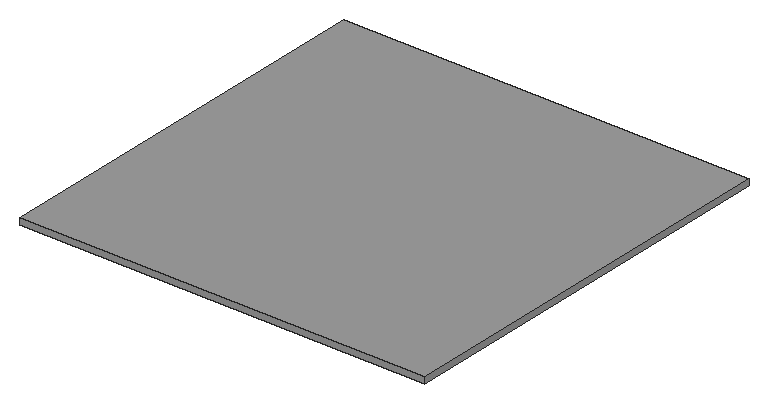
Revit family "WM-MN Skimmend 60mm Family", category Generic Models, host Ceiling, Revit 2017
Family settings
  Host = Ceiling
  Can host rebar = No
  Round Connector Dimension = Use Diameter
  Part Type = Normal
  Always vertical = Yes
  Cut with Voids When Loaded = No
  Shared = No
  Room Calculation Point = No
Parameters (values of type "Lambdaboard")
  Width = 4000 mm
  URL = "www.rigifoam.com"
  Type Comments = "duncan@rigifoam.com"
  Thermal Resistance = 2.5000 (m²·K)/W
  Thermal Conductivity = 0.0240 W/(m·K)
  Model = "WM/MN Skimmend 60mm"
  Material = Polyisocyanurate
  Manufacturer = "Lambdaboard"
  Length = 4000 mm
  Description = "Flexible PIR Insulation"
  Depth = 60 mm
  Density = 40.0000 kg/m³
Reference planes
  plane 1 "Center (Front/Back)": y = 0
  plane 2: z = 0
  plane 3 "Center (Left/Right)": x = 0
  plane 4 "Ceiling": z = 4000
Forms (mm)
  Extrusion 1, solid, material "Polyisocyanurate" <- "Material"
    sketch origin (0, 0, 4000) x (0, 1, 0) y (-1, 0, 0)
      loop
        line (2000, 2000) -> (-2000, 2000) -> (-2000, -2000) -> (2000, -2000) -> (2000, 2000)
    from -60 to 0
Dimensions and locks
  equal spacing: host sketch curve, plane 3 "Center (Left/Right)", host sketch curve
  equal spacing: host sketch curve, plane 1 "Center (Front/Back)", host sketch curve
  host sketch curve to host sketch curve = 4000 mm  (x2)
  plane 4 "Ceiling" to host ceiling = 0 mm
  "Length": Extrusion 1 to Extrusion 1
  Extrusion 1 to plane 3 "Center (Left/Right)" = 2000 mm
  plane 3 "Center (Left/Right)" to Extrusion 1 = 2000 mm
  "Width": Extrusion 1 to Extrusion 1
  "Depth": Extrusion 1 to Extrusion 1
Automatic sketch dimensions
  plane 1 "Center (Front/Back)" to Extrusion 1 sketch curve = 2000 mm
  Extrusion 1 sketch curve to plane 1 "Center (Front/Back)" = 2000 mm
  plane 3 "Center (Left/Right)" to Extrusion 1 sketch curve = 2000 mm
  Extrusion 1 sketch curve to plane 3 "Center (Left/Right)" = 2000 mm
